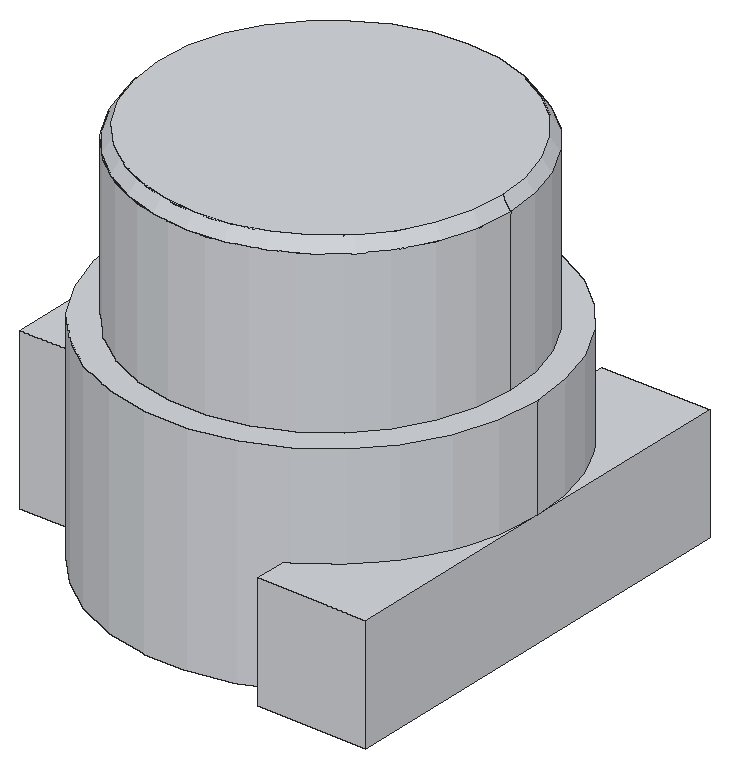
Revit family "5ee2e2a81f834f4cbd5db0b553320c01", category Fire Alarm Devices, host Face, Revit 2021
Family settings
  Host = Face
  Maintain Annotation Orientation = Yes
  Round Connector Dimension = Use Diameter
  Part Type = Normal
  OmniClass Number = 23.85.30.21.11.17
  OmniClass Title = Other Components
  Seek Item ID = Addressable Output Module-0000-USA-ENU
  Cut with Voids When Loaded = No
  Shared = No
  Room Calculation Point = No
Parameters (values of type "Standard")
  Module Material = none
  Label = "AOM"
  Default Elevation = 4' - 0"
Reference planes (in)
  plane 1 "Center (Front/Back)": y = 0
  plane 2: z = 0
  plane 3 "Center (Left/Right)": x = 0
  plane 4: z = 4.53
  plane 5: z = 2.53
  plane 6: z = 1.86333
  plane 7: x = 2.41
  plane 8: x = -2.82
  plane 9: y = 2.5
  plane 10: y = -2.5
Forms (in)
  Extrusion 1, solid, material <- "Module Material"
    sketch origin (0, 0, 0) x (1, 0, 0) y (0, 1, 0)
      loop
        circle (0, 0) r 2.1
    from 2.53 to 4.3898
  Extrusion 2, solid, material <- "Module Material"
    sketch origin (0, 0, 0) x (1, 0, 0) y (0, 1, 0)
      loop
        circle (0, 0) r 2.41
    from 0 to 2.53
  Extrusion 3, solid, material <- "Module Material"
    sketch origin (0, 0, 0) x (1, 0, 0) y (0, 1, 0)
      loop
        line (2.41, 2.5) -> (1.15306, 2.5) -> (1.15306, -2.5) -> (2.41, -2.5) -> (2.41, 2.5)
    from 0 to 1.33333
  Extrusion 4, solid, material <- "Module Material"
    sketch origin (0, 0, 0) x (1, 0, 0) y (0, 1, 0)
      loop
        line (-2.82, 1) -> (-2.82, -1) -> (-1.82, -1) -> (-1.82, 1) -> (-2.82, 1)
    from 0 to 1.86333
  Blend 5, solid, material <- "Module Material"
    base sketch origin (0, 0, 0) x (1, 0, 0) y (0, 1, 0)
      loop
        circle (0, 0) r 2.1
    top sketch origin (0, 0, 0) x (1, 0, 0) y (0, 1, 0)
      loop
        circle (0, 0) r 2
    from 4.3898 to 4.53
Cuts and joins
  joined: Extrusion 1, Extrusion 2, Extrusion 3, Extrusion 4
Lines and regions (in)
  symbolic lines, detail levels fine
    curve 1: line (2, 0, 4.53) -> (-2, 0, 4.53)
    curve 2: line (2.1, 0, 4.3898) -> (-2.1, 0, 4.3898)
    curve 3: line (2.41, 0, 2.53) -> (-2.41, 0, 2.53)
    curve 4: line (-2.19274, 0, 1.86333) -> (-2.19274, 0, 0)
    curve 5: line (-2.19274, 0, 1.86333) -> (-2.82, 0, 1.86333)
    curve 6: line (-2.82, 0, 1.86333) -> (-2.82, 0, 0)
    curve 7: line (-2.82, 0, 0) -> (2.41, 0, 0)
    curve 8: line (1.15306, 0, 1.33333) -> (1.15306, 0, 0)
    curve 9: line (2.41, 0, 0) -> (2.41, 0, 1.33333)
    curve 10: line (2.41, 0, 1.33333) -> (1.15306, 0, 1.33333)
    curve 11: line (-2.41, 0, 2.53) -> (-2.41, 0, 1.86333)
    curve 12: line (2.41, 0, 2.53) -> (2.41, 0, 1.33333)
    curve 13: line (2, 0, 4.53) -> (2.1, 0, 4.3898)
    curve 14: line (-2, 0, 4.53) -> (-2.1, 0, 4.3898)
    curve 15: line (-2.1, 0, 4.3898) -> (-2.1, 0, 2.53)
    curve 16: line (2.1, 0, 4.3898) -> (2.1, 0, 2.53)
Dimensions and locks (in)
  locked: plane 4 to plane 2 at 4.53
  locked: plane 4 to plane 5 at 2
  locked: plane 5 to plane 6 at 0.66667
  locked: plane 3 "Center (Left/Right)" to plane 7 at 2.41
  locked: plane 8 to plane 7 at 5.23
  equal spacing: plane 10, plane 1 "Center (Front/Back)", plane 9
  locked: Extrusion 3 sketch curve to plane 7 at 1.25694
  equal spacing: Extrusion 4 sketch curve, plane 1 "Center (Front/Back)", Extrusion 4 sketch curve
  locked: plane 8 to Extrusion 4 sketch curve at 1
  locked: Blend 5 to plane 4 at 0.1402
  radius of Extrusion 1 sketch curve = 0' - 2.1"
  radius of Extrusion 2 sketch curve = 0' - 2.41"
  radius of Blend 5 sketch curve = 0' - 2"
  aligned and locked: plane 2 to host face
  aligned and locked: level to host face
  aligned and locked: Extrusion 1 to plane 5
  aligned: plane 4 to Extrusion 1
  aligned and locked: plane 3 "Center (Left/Right)" to Extrusion 2 sketch curve
  aligned and locked: plane 1 "Center (Front/Back)" to Extrusion 2 sketch curve
  aligned and locked: plane 5 to Extrusion 2
  aligned: Extrusion 2 to plane 6
  aligned and locked: plane 7 to Extrusion 3 sketch curve
  aligned and locked: Extrusion 3 sketch curve to plane 9
  aligned and locked: plane 10 to Extrusion 3 sketch curve
  aligned and locked: Extrusion 3 to plane 2
  aligned and locked: plane 8 to Extrusion 4 sketch curve
  aligned and locked: plane 6 to Extrusion 4
  aligned and locked: Extrusion 4 to plane 2
  aligned and locked: Extrusion 2 to level
  aligned and locked: Blend 5 sketch curve to cut or joined group of Extrusion 1, Extrusion 2, Extrusion 3, Extrusion 4  (x2)
  aligned and locked: plane 1 "Center (Front/Back)" to Blend 5 sketch curve
  aligned and locked: plane 3 "Center (Left/Right)" to Blend 5 sketch curve
  aligned and locked: plane 4 to Blend 5
  aligned and locked: cut or joined group of Extrusion 1, Extrusion 2, Extrusion 3, Extrusion 4 to Blend 5
  aligned and locked: curve 1 to Blend 5
  aligned and locked: curve 2 to cut or joined group of Extrusion 1, Extrusion 2, Extrusion 3, Extrusion 4
  aligned and locked: curve 3 to cut or joined group of Extrusion 1, Extrusion 2, Extrusion 3, Extrusion 4
  aligned and locked: curve 4 to cut or joined group of Extrusion 1, Extrusion 2, Extrusion 3, Extrusion 4
  aligned and locked: curve 5 to cut or joined group of Extrusion 1, Extrusion 2, Extrusion 3, Extrusion 4
  aligned and locked: curve 6 to cut or joined group of Extrusion 1, Extrusion 2, Extrusion 3, Extrusion 4
  aligned and locked: curve 7 to cut or joined group of Extrusion 1, Extrusion 2, Extrusion 3, Extrusion 4
  aligned and locked: curve 8 to cut or joined group of Extrusion 1, Extrusion 2, Extrusion 3, Extrusion 4
  aligned and locked: curve 9 to cut or joined group of Extrusion 1, Extrusion 2, Extrusion 3, Extrusion 4
  aligned and locked: curve 10 to cut or joined group of Extrusion 1, Extrusion 2, Extrusion 3, Extrusion 4
  aligned and locked: curve 11 to cut or joined group of Extrusion 1, Extrusion 2, Extrusion 3, Extrusion 4
  aligned and locked: curve 12 to cut or joined group of Extrusion 1, Extrusion 2, Extrusion 3, Extrusion 4
  aligned and locked: curve 13 to Blend 5
  aligned and locked: curve 14 to Blend 5
  aligned and locked: curve 15 to cut or joined group of Extrusion 1, Extrusion 2, Extrusion 3, Extrusion 4
  aligned and locked: curve 16 to cut or joined group of Extrusion 1, Extrusion 2, Extrusion 3, Extrusion 4
  aligned and locked: plane 1 "Center (Front/Back)" to nested 1
  aligned and locked: plane 3 "Center (Left/Right)" to nested 1
Automatic sketch dimensions
  host sketch curve to host sketch curve = 8' - 0"  (x2)
  plane 1 "Center (Front/Back)" to Extrusion 1 sketch curve = 0' - 0"
  Extrusion 1 sketch curve to plane 3 "Center (Left/Right)" = 0' - 0"
  plane 1 "Center (Front/Back)" to Extrusion 4 sketch curve = 0' - 1"
Nested families (in)
  nested 1: "Addressable Module Annotation" at (0, 0, 0), type "Addressable Module Annotation", detail levels coarse+medium
Connectors (in)
  electrical at (1.78153, 2.5, 0.66667)
    settings: on cut or joined group of Extrusion 1, Extrusion 2, Extrusion 3, Extrusion 4, index 1, voltage 0 V, apparent load 0 VA, apparent load phase1 0 VA, apparent load phase2 0 VA, apparent load phase3 0 VA, power factor 1, load classification "Other", number of poles 1, system type 11, power factor state 1, is connector primary yes, connector utility no, sub classification motor no, connector description ""
Definition of nested family "Addressable Module Annotation"
  Parameters
    Label Annotation = "AOM"
  Reference planes (in)
    plane 1: y = 0
    plane 2: x = 0
  Lines and regions (in)
    reference lines
      curve 1: line (-0.38509, 0.0625, 0) -> (0.52289, 0.0625, 0)
    detail lines
      curve 2: circle (0, 0.0625, 0) r 0.0625 normal (0, 0, 1)
  Text (in)
    label "AOM" at (0.05152, -0.00273, 0), shows "Label Annotation"
  Dimensions and locks (in)
    locked: plane 1 to curve 1 at 0.0625
    radius of curve 2 = 0' - 0 1/16"
    aligned and locked: curve 1 to curve 2
    aligned and locked: plane 2 to curve 2
